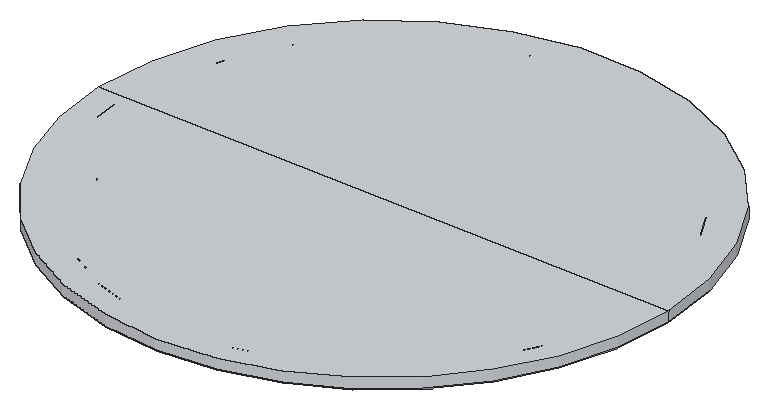
Revit family "OracDecor_R52", category Обобщенные модели, Revit 2019
Family settings
  Может служить основой для арматурных стержней = Нет
  Размер круглого соединителя = Использовать диаметр
  Тип детали = Нормальный
  На основе рабочей плоскости = Нет
  Всегда вертикально = Да
  При загрузке вырезать с полостями = Нет
  Общий = Нет
  Точка расчета площади = Нет
Parameters
  Изготовитель = "Family from POCHERTEAM"  # constant formula
  URL = "t.me/pocherteam"
Reference planes
  plane 1 "По центру (Вперед/Назад)": y = 0
  plane 2: z = 0
  plane 3 "По центру (Влево/Вправо)": x = 0
Forms (mm)
  Revolve 1, solid
    sketch origin (0, 0, 0) x (1, 0, 0) y (0, 0, 1)
      loop
        line (0, 0) -> (0, -30) -> (37.326, -30)
        arc (37.326, -30) -> (51.85, -31.147) -> (66.015, -34.561) r 92.516
        arc (66.015, -34.561) -> (96.015, -48) -> (126.015, -34.561) r 40.203
        arc (126.015, -34.561) -> (144.704, -21.495) -> (167.266, -18.183) r 49.547
        arc (167.266, -18.183) -> (194.766, -14.193) -> (222.266, -18.183) r 96.754
        arc (222.266, -18.183) -> (227.15, -20.699) -> (230.772, -24.829) r 14.734
        line (230.772, -24.829) -> (230.772, -18.889) -> (275.772, -18.889)
        arc (275.772, -18.889) -> (279.672, -21.109) -> (284.113, -21.761) r 12.139
        arc (284.113, -21.761) -> (286.378, -27.23) -> (291.848, -29.496) r 7.735
        arc (291.848, -29.496) -> (301.85, -23.328) -> (306.938, -12.736) r 20.885
        arc (306.938, -12.736) -> (318.165, -6.042) -> (329.392, -12.736) r 12.762
        arc (329.392, -12.736) -> (338.446, -17.151) -> (347.5, -12.736) r 11.491
        line (347.5, -12.736) -> (347.5, 0) -> (0, 0)
      axis (0, 0) -> (0, -34.561)
    angle from 0 to 360
Dimensions and locks
  Revolve 1 to Revolve 1 = 695 mm
  aligned and locked: level to plane 2
